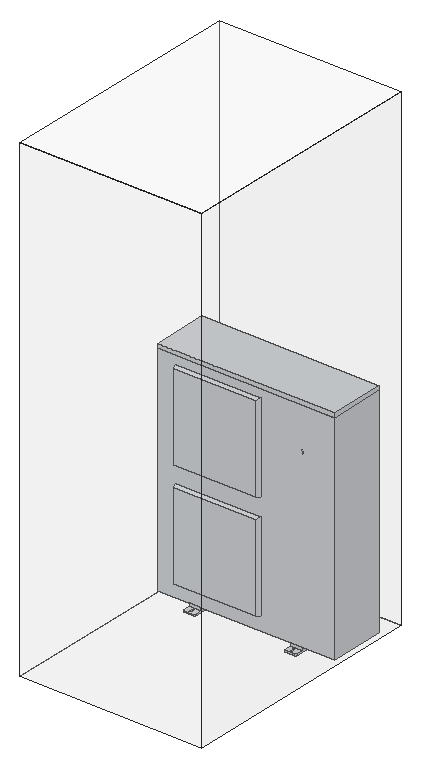
Revit family "pusy-hp80_160mh4_50hz", category 機械設備, Revit 2019
Family settings
  丸型コネクタ寸法 = 直径を使用
  パーツ タイプ = 標準
  OmniClass 番号 = 23.75.10.24.21.27.27
  OmniClass タイトル = Split System Air Conditioning Units
  作業面ベース = いいえ
  常に垂直 = はい
  ロード時にボイドで切り取り = いいえ
  共有 = いいえ
  部屋計算ポイント = いいえ
Parameters (values of type "室外機_PUSY-HP80MH4(-BS,BSG)")
  音響パワーレベル（冷）(dB) = 70
  音響パワーレベル(dB) = 70
  電源種別 = ""
  電源位置Y = 2 mm
  電源位置Z = 1062 mm
  電源位置X = 325 mm
  電圧 = 200 V
  電動機出力_送風機 = 0.12 kW
  電動機出力_圧縮機 = 1.98 kW
  集中コントローラ [instance] = ""
  運転質量 = 0.00 kg
  運転方法 = "冷暖切替"
  質量 = if(製品質量 > 運転質量, 製品質量, 運転質量) * 1.2  # 146.40 kg
  負荷分類 = 1_熱源類
  説明 = "空冷H/P PAC インバータ室外機"
  設計暖房能力 [instance] = 0 kW
  設計冷房能力_顕熱 [instance] = 0 kW
  設計冷房能力 [instance] = 0 kW
  設置方法 = "床置形"
  記号 [instance] = ""
  製造元 = "三菱電機株式会社"
  製品質量 = 122.00 kg
  製品出荷対象 = "国内"
  製品リリース年月 = "2022/9/15"
  製品グループ = ""
  系統 [instance] = ""
  符号 = "PAC"
  積算_科目 = "1 空気調和設備"
  積算_拾い区分 [instance] = ""
  相 = 3
  盤記号 [instance] = ""
  発停方法 = "付属スイッチ"
  特殊仕様 [instance] = ""
  消費電力_暖房 = 2.01 kW
  消費電力_冷房 = 1.81 kW
  消費電力 = if(消費電力_冷房 > 消費電力_暖房, 消費電力_冷房, 消費電力_暖房)  # 2.01 kW
  法定耐用年数 = "6"
  構成品番 = "PUSY-HP80MH4 (-BS,-BSG)"
  極数 = 3
  材質 [instance] = ""
  本体マテリアル = none
  最小電線太さ_mm2 = 5.5
  最大電流値 = 28 A
  暖房能力 = 9 kW
  推奨ブレーカー容量 = 30 A
  据付ピッチ1 = 0 mm
  形式 = "パッケージ形 室外機"
  形名 = PUZ-ZRMP-3 : PUZ-ZRMP112KA11
  幹線記号 [instance] = ""
  始動方式 = "インバータ始動方式"
  呼称 = "パッケージ形空気調和機_室外機"
  周波数 = 50 Hz
  冷媒管（液）位置Z = 485 mm
  冷媒管位置Z_上面 = 565 mm
  冷媒管（ガス）位置Z = 420 mm
  冷媒液管_半径 = (冷媒液管径) / 2  # 4.76 mm
  冷媒ガス管_半径 = (冷媒ガス管径) / 2  # 7.94 mm
  価格 = 0
  ドレン　位置Z = 23 mm
  ドレン　位置Y = 11 mm
  ドレン　位置X = 480 mm
  アンカーボルト位置Y = 370 mm
  アンカーボルト位置X = 600 mm
  参照している仕様書等のバージョン = "公共建築物標準仕様書（機械設備工事編）平成31年度版"
  分類コード = "50053003126100"
  分類グループ = ""
  冷房能力 = 8 kW
  冷媒管（ガス）位置X = 483 mm
  冷媒管（液）位置X = 427 mm
  冷媒管（液）位置Y = 125 mm
  冷媒管（ガス）位置Y = 109 mm
  冷媒管長 [instance] = 0 mm
  冷媒管径符号 = "Bd"
  冷媒管径 = 100.00 mm
  冷媒管位置Z = 420 mm
  冷媒管位置Y = 111 mm
  冷媒管位置X = (冷媒管（液）位置X + 冷媒管（ガス）位置X) / 2  # 455 mm
  冷媒液管径 = 9.52 mm
  冷媒ガス管径 = 15.88 mm
  企業コード = "108420"
  付属品 [instance] = ""
  仕様書バージョン = "Version1.0"
  ユニット数 = 1
  ユニット3 = yes
  ユニット2 = yes
  Model = ""
  ドレン管径 = 33.00 mm
  サービススペース = yes
  コメント [instance] = ""
  ケーブル種類1 = ""
  【値が 0 の項目は組合せ形名にてご確認ください】 = ""
  Width = 1050 mm
  Version = ""
  Uniclass2015Version = "Systems v1.9"
  Uniclass2015Title = "Split coil remote air cooled condensing units"
  Uniclass2015Code = "Pr_70_65_03_84"
  URL = "https://www.mitsubishielectric.co.jp/ldg/wink/ssl/displayProduct.do?pid=321193"
  SpecificationReference = ""
  SpecificationDescription = ""
  Revision = ""
  ProductInformation = ""
  OmniClassCode = "23-33 17 13 11"
  IfcTypeProduct = ""
  IfcProduct = ""
  IfcExportType = "AIRCONDITIONINGUNIT"
  IfcExportAs = "IfcUnitaryEquipmentType"
  Height = 1338 mm
  Depth = 330 mm
  Clearance Top = 1500 mm
  Clearance Right = 15 mm
  Clearance Left = 15 mm
  Clearance Front = 1000 mm
  Clearance Bottom = 0 mm
  Clearance Back = 150 mm
  COP = 0
  Author = "三菱電機株式会社"
  APF = 0
Reference planes
  plane 1 "中心(正面/背面)": y = 74
  plane 2: z = 0
  plane 3 "中心(左/右)": x = 830
  plane 4 "右": x = 1355
  plane 5 "左": x = 305
  plane 6 "背面": y = 239
  plane 7 "正面": y = -91
  plane 8 "上部": z = 1338
  plane 9 "Clearanse Top": z = 2838
  plane 10 "SS_back": y = 389
  plane 11 "SS_front": y = -1091
  plane 12 "SS_left": x = 290
  plane 13 "SS_right": x = 1370
  plane 14: z = 0
  plane 15: y = -89
  plane 16: x = 1155
  plane 17: z = 1062
  plane 18: x = 1285
  plane 19: y = 63
  plane 20: x = 350
  plane 21: z = 25
  plane 22: z = 23
  plane 23: x = 530
  plane 24: x = 1130
  plane 25: y = 259
  plane 26: y = -111
  plane 27: x = 1313
  plane 28: x = 1257
  plane 29 "ガス管": z = 420
  plane 30 "液管": z = 485
  plane 31: y = -51
  plane 32: y = -35
  plane 33 "冷媒管": z = 420
  plane 34: y = -37
  plane 35: z = 565
Forms (mm)
  Extrusion 1, solid, detail levels fine
    sketch origin (0, -91, 0) x (1, 0, 0) y (0, 0, 1)
      loop
        circle (1155, 1062) r 13.5
    from -12 to -2
  Extrusion 2, solid, detail levels fine
    sketch origin (-1437.329, -1524, 54) x (-1, 0, 0) y (0, -1, 0)
      loop
        circle (-1787.329, -1587) r 16.5
    from -31 to -29
  Extrusion 3, solid, detail levels fine
    sketch origin (5, 0, 485) x (-1, 0, 0) y (0, -1, 0)
      loop
        circle (-1252, 51) r 4.76
    from 0 to 80
  Extrusion 4, solid, detail levels fine
    sketch origin (0, 0, 420) x (-1, 0, 0) y (0, -1, 0)
      loop
        circle (-1313, 35) r 7.94
    from 0 to 100
  Extrusion 5, solid, detail levels fine
    sketch origin (0, 0, 420) x (-1, 0, 0) y (0, -1, 0)
      loop
        circle (-1285, 37) r 50
    from 0 to 145
Lines and regions (mm)
  model lines, not visible
    curve 1: line (460, 178.667, 1289.179) -> (460, 297.73, 1289.179)
    curve 2: line (460, 178.667, 1056.056) -> (460, 178.667, 1289.179)
    curve 3: line (460, 297.73, 1056.056) -> (460, 178.667, 1056.056)
    curve 4: line (460, 297.73, 1289.179) -> (460, 297.73, 1056.056)
    curve 5: line (460, 47.598, 1289.179) -> (460, 166.661, 1289.179)
    curve 6: line (460, 47.598, 1056.056) -> (460, 47.598, 1289.179)
    curve 7: line (460, 166.661, 1056.056) -> (460, 47.598, 1056.056)
    curve 8: line (460, 166.661, 1289.179) -> (460, 166.661, 1056.056)
    curve 9: line (460, -83.471, 1289.179) -> (460, 35.592, 1289.179)
    curve 10: line (460, -83.471, 1056.056) -> (460, -83.471, 1289.179)
    curve 11: line (460, 35.592, 1056.056) -> (460, -83.471, 1056.056)
    curve 12: line (460, 35.592, 1289.179) -> (460, 35.592, 1056.056)
    curve 13: line (460, -150.779, 1289.179) -> (460, -95.75, 1289.179)
    curve 14: line (460, -150.779, 1056.056) -> (460, -150.779, 1289.179)
    curve 15: line (460, -95.75, 1056.056) -> (460, -150.779, 1056.056)
    curve 16: line (460, -95.75, 1289.179) -> (460, -95.75, 1056.056)
    curve 17: line (460, -150.779, 1283.175) -> (460, -132.596, 1283.175)
    curve 18: line (460, -150.779, 1062.059) -> (460, -150.779, 1283.175)
    curve 19: line (460, -132.596, 1062.059) -> (460, -150.779, 1062.059)
    curve 20: line (460, -132.596, 1283.175) -> (460, -132.596, 1062.059)
    curve 21: line (460, 178.667, 1046.051) -> (460, 297.73, 1046.051)
    curve 22: line (460, 178.667, 812.928) -> (460, 178.667, 1046.051)
    curve 23: line (460, 297.73, 812.928) -> (460, 178.667, 812.928)
    curve 24: line (460, 297.73, 1046.051) -> (460, 297.73, 812.928)
    curve 25: line (460, 47.598, 1046.051) -> (460, 166.661, 1046.051)
    curve 26: line (460, 47.598, 812.928) -> (460, 47.598, 1046.051)
    curve 27: line (460, 166.661, 812.928) -> (460, 47.598, 812.928)
    curve 28: line (460, 166.661, 1046.051) -> (460, 166.661, 812.928)
    curve 29: line (460, -83.471, 1046.051) -> (460, 35.592, 1046.051)
    curve 30: line (460, -83.471, 812.928) -> (460, -83.471, 1046.051)
    curve 31: line (460, 35.592, 812.928) -> (460, -83.471, 812.928)
    curve 32: line (460, 35.592, 1046.051) -> (460, 35.592, 812.928)
    curve 33: line (460, -150.779, 1046.051) -> (460, -95.75, 1046.051)
    curve 34: line (460, -150.779, 812.928) -> (460, -150.779, 1046.051)
    curve 35: line (460, -95.75, 812.928) -> (460, -150.779, 812.928)
    curve 36: line (460, -95.75, 1046.051) -> (460, -95.75, 812.928)
    curve 37: line (460, -150.779, 1040.048) -> (460, -132.596, 1040.048)
    curve 38: line (460, -150.779, 818.931) -> (460, -150.779, 1040.048)
    curve 39: line (460, -132.596, 818.931) -> (460, -150.779, 818.931)
    curve 40: line (460, -132.596, 1040.048) -> (460, -132.596, 818.931)
    curve 41: line (460, 178.667, 802.923) -> (460, 297.73, 802.923)
    curve 42: line (460, 178.667, 569.8) -> (460, 178.667, 802.923)
    curve 43: line (460, 297.73, 569.8) -> (460, 178.667, 569.8)
    curve 44: line (460, 297.73, 802.923) -> (460, 297.73, 569.8)
    curve 45: line (460, 47.598, 802.923) -> (460, 166.661, 802.923)
    curve 46: line (460, 47.598, 569.8) -> (460, 47.598, 802.923)
    curve 47: line (460, 166.661, 569.8) -> (460, 47.598, 569.8)
    curve 48: line (460, 166.661, 802.923) -> (460, 166.661, 569.8)
    curve 49: line (460, -83.471, 802.923) -> (460, 35.592, 802.923)
    curve 50: line (460, -83.471, 569.8) -> (460, -83.471, 802.923)
    curve 51: line (460, 35.592, 569.8) -> (460, -83.471, 569.8)
    curve 52: line (460, 35.592, 802.923) -> (460, 35.592, 569.8)
    curve 53: line (460, -150.779, 802.923) -> (460, -95.75, 802.923)
    curve 54: line (460, -150.779, 569.8) -> (460, -150.779, 802.923)
    curve 55: line (460, -95.75, 569.8) -> (460, -150.779, 569.8)
    curve 56: line (460, -95.75, 802.923) -> (460, -95.75, 569.8)
    curve 57: line (460, -150.779, 796.92) -> (460, -132.596, 796.92)
    curve 58: line (460, -150.779, 575.803) -> (460, -150.779, 796.92)
    curve 59: line (460, -132.596, 575.803) -> (460, -150.779, 575.803)
    curve 60: line (460, -132.596, 796.92) -> (460, -132.596, 575.803)
    curve 61: line (460, 178.667, 559.795) -> (460, 297.73, 559.795)
    curve 62: line (460, 178.667, 326.672) -> (460, 178.667, 559.795)
    curve 63: line (460, 297.73, 326.672) -> (460, 178.667, 326.672)
    curve 64: line (460, 297.73, 559.795) -> (460, 297.73, 326.672)
    curve 65: line (460, 47.598, 559.795) -> (460, 166.661, 559.795)
    curve 66: line (460, 47.598, 326.672) -> (460, 47.598, 559.795)
    curve 67: line (460, 166.661, 326.672) -> (460, 47.598, 326.672)
    curve 68: line (460, 166.661, 559.795) -> (460, 166.661, 326.672)
    curve 69: line (460, -83.471, 559.795) -> (460, 35.592, 559.795)
    curve 70: line (460, -83.471, 326.672) -> (460, -83.471, 559.795)
    curve 71: line (460, 35.592, 326.672) -> (460, -83.471, 326.672)
    curve 72: line (460, 35.592, 559.795) -> (460, 35.592, 326.672)
    curve 73: line (460, -150.779, 559.795) -> (460, -95.75, 559.795)
    curve 74: line (460, -150.779, 326.672) -> (460, -150.779, 559.795)
    curve 75: line (460, -95.75, 326.672) -> (460, -150.779, 326.672)
    curve 76: line (460, -95.75, 559.795) -> (460, -95.75, 326.672)
    curve 77: line (460, -150.779, 553.792) -> (460, -132.596, 553.792)
    curve 78: line (460, -150.779, 332.675) -> (460, -150.779, 553.792)
    curve 79: line (460, -132.596, 332.675) -> (460, -150.779, 332.675)
    curve 80: line (460, -132.596, 553.792) -> (460, -132.596, 332.675)
    curve 81: line (460, 178.667, 316.667) -> (460, 297.73, 316.667)
    curve 82: line (460, 178.667, 83.544) -> (460, 178.667, 316.667)
    curve 83: line (460, 297.73, 83.544) -> (460, 178.667, 83.544)
    curve 84: line (460, 297.73, 316.667) -> (460, 297.73, 83.544)
    curve 85: line (460, 47.598, 316.667) -> (460, 166.661, 316.667)
    curve 86: line (460, 47.598, 83.544) -> (460, 47.598, 316.667)
    curve 87: line (460, 166.661, 83.544) -> (460, 47.598, 83.544)
    curve 88: line (460, 166.661, 316.667) -> (460, 166.661, 83.544)
    curve 89: line (460, -83.471, 316.667) -> (460, 35.592, 316.667)
    curve 90: line (460, -83.471, 83.544) -> (460, -83.471, 316.667)
    curve 91: line (460, 35.592, 83.544) -> (460, -83.471, 83.544)
    curve 92: line (460, 35.592, 316.667) -> (460, 35.592, 83.544)
    curve 93: line (460, -150.779, 316.667) -> (460, -95.75, 316.667)
    curve 94: line (460, -150.779, 83.544) -> (460, -150.779, 316.667)
    curve 95: line (460, -95.75, 83.544) -> (460, -150.779, 83.544)
    curve 96: line (460, -95.75, 316.667) -> (460, -95.75, 83.544)
    curve 97: line (460, -150.779, 310.664) -> (460, -132.596, 310.664)
    curve 98: line (460, -150.779, 89.547) -> (460, -150.779, 310.664)
    curve 99: line (460, -132.596, 89.547) -> (460, -150.779, 89.547)
    curve 100: line (460, -132.596, 310.664) -> (460, -132.596, 89.547)
Dimensions and locks
  equal spacing: plane 7 "正面", plane 1 "中心(正面/背面)", plane 6 "背面"
  "Depth": plane 7 "正面" to plane 6 "背面"
  "Width": plane 5 "左" to plane 4 "右"
  equal spacing: plane 5 "左", plane 3 "中心(左/右)", plane 4 "右"
  "Clearance Left": plane 12 "SS_left" to plane 5 "左"
  "Clearance Right": plane 4 "右" to plane 13 "SS_right"
  "Clearance Back": plane 6 "背面" to plane 10 "SS_back"
  "Clearance Front": plane 11 "SS_front" to plane 7 "正面"
  "Height": plane 8 "上部" to level
  "Clearance Top": plane 9 "Clearanse Top" to plane 8 "上部"
  "Clearance Bottom": level to plane 14
  "電源位置X": plane 3 "中心(左/右)" to plane 16
  "電源位置Y": plane 7 "正面" to plane 15
  "電源位置Z": plane 17 to level
  locked: plane 21 to plane 22 at 2
  equal spacing: plane 26, plane 1 "中心(正面/背面)", plane 25
  "アンカーボルト位置Y": plane 26 to plane 25
  equal spacing: plane 23, plane 3 "中心(左/右)", plane 24
  "アンカーボルト位置X": plane 23 to plane 24
  "冷媒管（ガス）位置X": nested 1 to plane 27
  "ドレン　位置Y": plane 19 to plane 1 "中心(正面/背面)"
  "ドレン　位置X": plane 20 to nested 1
  plane 25 to nested 2 = 19 mm
  nested 2 to plane 7 "正面" = 25 mm
  plane 5 "左" to plane 23 = 225 mm
  nested 2 to plane 26 = 28 mm
  nested 2 to nested 2 = 417 mm
  plane 7 "正面" to plane 19 = 154 mm
  plane 7 "正面" to plane 31 = 40 mm
  plane 7 "正面" to plane 32 = 56 mm
  plane 28 to plane 18 to plane 27 = 28 mm, 28 mm
  "冷媒管（ガス）位置Y": plane 32 to plane 1 "中心(正面/背面)"
  "冷媒管（液）位置Y": plane 31 to plane 1 "中心(正面/背面)"
  "冷媒管（ガス）位置Z": plane 29 "ガス管" to level
  "冷媒管（液）位置Z": plane 30 "液管" to level
  "冷媒管位置Z": plane 33 "冷媒管" to level
  "冷媒管位置Y": plane 34 to plane 1 "中心(正面/背面)"
  "冷媒管位置Z_上面": plane 35 to level
  "冷媒管（液）位置X": nested 1 to plane 28
  "冷媒管位置X": nested 1 to plane 18
  plane 28 to plane 27 = 56 mm
  radius of Extrusion 1 sketch curve = 13.5 mm
  "ドレン管径": diameter of Extrusion 2 sketch curve
  "冷媒液管_半径": radius of Extrusion 3 sketch curve
  "冷媒ガス管_半径": radius of Extrusion 4 sketch curve
  aligned and locked: level to plane 2
  aligned and locked: plane 10 "SS_back" to nested 1  (x2)
  aligned and locked: plane 13 "SS_right" to nested 1
  aligned and locked: plane 12 "SS_left" to nested 1  (x2)
  aligned and locked: nested 1 to plane 13 "SS_right"
  aligned and locked: plane 11 "SS_front" to nested 1
  aligned and locked: plane 9 "Clearanse Top" to nested 1
  aligned and locked: plane 1 "中心(正面/背面)" to nested 2
  aligned and locked: plane 3 "中心(左/右)" to nested 2
  aligned and locked: plane 14 to nested 1
  aligned and locked: plane 17 to Extrusion 1 sketch curve
  aligned and locked: plane 16 to Extrusion 1 sketch curve
  aligned and locked: plane 15 to Extrusion 1
  aligned and locked: plane 20 to Extrusion 2 sketch curve
  aligned and locked: plane 19 to Extrusion 2 sketch curve
  aligned and locked: plane 21 to Extrusion 2
  aligned and locked: Extrusion 2 to plane 22
  aligned and locked: plane 23 to nested 3
  aligned and locked: plane 25 to nested 3
  aligned and locked: Extrusion 4 to plane 29 "ガス管"
  aligned and locked: Extrusion 3 to plane 30 "液管"
  aligned and locked: Extrusion 5 to plane 33 "冷媒管"
  aligned and locked: plane 35 to Extrusion 5
Automatic sketch dimensions
  Extrusion 5 sketch curve to plane 18 = 0 mm
  plane 34 to Extrusion 5 sketch curve = 0 mm
  Extrusion 3 sketch curve to plane 28 = 0 mm
  plane 31 to Extrusion 3 sketch curve = 0 mm
  Extrusion 4 sketch curve to plane 27 = 0 mm
  plane 32 to Extrusion 4 sketch curve = 0 mm
  radius of Extrusion 5 sketch curve = 50 mm
Nested families
  nested 1: "サービススペース" at (830, -351, 1419), visible <- "サービススペース", type "サービススペース"
    with Width 1080 mm, Height 2838 mm, Depth 1480 mm
  nested 2: "PUZ-ZRMP-3" at (830, 74, 0), type <- "形名", type "PUZ-ZRMP112KA11"
  nested 3: "固定点" at (530, -111, 0), type "固定点"
    with W 600 mm, D 370 mm
Connectors
  electrical at (1155, -89, 1062), driven by "極数", driven by "負荷分類", driven by "電圧", driven by "消費電力"
    settings: on Extrusion 1, index 2, voltage 200 V, apparent load 2010 VA, apparent load phase1 0 VA, apparent load phase2 0 VA, apparent load phase3 0 VA, power factor 1, load classification "1_熱源類", number of poles 3, system type 30, power factor state 1, is connector primary yes, connector utility no, sub classification motor no, connector description ""
  piping at (1285, -37, 420), diameter 100, driven by "冷媒管径"
    settings: on Extrusion 5, index 3, connector inside diameter 609.60 mm, connector length 0 mm, flow factor 0, pipe flow 0.0 L/s, pressure drop 0.0 Pa, fitting loss kfactor 0, connector angle 0.00°, fixture units 0, engagement length 0 mm, angle of deflection 0.00°, flow configuration 1, flow direction 2, fitting loss method 4, system type 7, joint type 0, gender type 0, connector reference index -1, connector utility 0, adjustable connector no, is connector primary yes, connector description "Bd"
Definition of nested family "サービススペース"
  Parameters (values of type "サービススペース")
    Width [instance] = 500 mm
    Height [instance] = 500 mm
    Depth [instance] = 500 mm
  Reference planes
    plane 1 "中心(正面/背面)": y = 0
    plane 2: z = 0
    plane 3 "中心(左/右)": x = 0
    plane 4: y = -250
    plane 5: x = 250
    plane 6: y = 250
    plane 7: x = -250
    plane 8: z = 250
    plane 9: z = -250
  Forms (mm)
    Extrusion 1, solid
      sketch origin (-638.939, 0, 72.39) x (1, 0, 0) y (0, 1, 0)
        loop
          line (388.939, 250) -> (388.939, -250) -> (888.939, -250) -> (888.939, 250) -> (388.939, 250)
      from -322.39 to 177.61
  Lines and regions (mm)
    symbolic lines
      curve 1: line (-250, 0, 250) -> (250, 0, 250)
      curve 2: line (-250, 0, -250) -> (-250, 0, 250)
      curve 3: line (250, 0, -250) -> (-250, 0, -250)
      curve 4: line (250, 0, 250) -> (250, 0, -250)
      curve 5: line (0, -250, 250) -> (0, 250, 250)
      curve 6: line (0, -250, -250) -> (0, -250, 250)
      curve 7: line (0, 250, -250) -> (0, -250, -250)
      curve 8: line (0, 250, 250) -> (0, 250, -250)
      curve 9: line (-250, 250, 0) -> (250, 250, 0)
      curve 10: line (-250, -250, 0) -> (-250, 250, 0)
      curve 11: line (250, -250, 0) -> (-250, -250, 0)
      curve 12: line (250, 250, 0) -> (250, -250, 0)
  Dimensions and locks
    equal spacing: plane 7, plane 3 "中心(左/右)", plane 5
    equal spacing: plane 4, plane 1 "中心(正面/背面)", plane 6
    "Depth": plane 4 to plane 6
    "Width": plane 7 to plane 5
    equal spacing: plane 8, plane 2, plane 9
    "Height": plane 8 to plane 9
    aligned and locked: plane 9 to curve 3
    aligned and locked: plane 7 to curve 2
    aligned and locked: curve 4 to plane 5
    aligned and locked: plane 5 to Extrusion 1
    aligned and locked: Extrusion 1 to plane 7
    aligned and locked: Extrusion 1 to plane 9
    aligned and locked: plane 8 to Extrusion 1
    aligned and locked: plane 9 to curve 7
  Automatic sketch dimensions
    plane 4 to Extrusion 1 sketch curve = 0 mm
    Extrusion 1 sketch curve to plane 7 = 0 mm
    Extrusion 1 sketch curve to plane 5 = 0 mm
    plane 6 to Extrusion 1 sketch curve = 0 mm
    curve 2 to plane 8 = 0 mm
    plane 4 to curve 11 = 0 mm
    curve 11 to plane 7 = 0 mm
    curve 11 to plane 5 = 0 mm
    plane 6 to curve 10 = 0 mm
    curve 7 to plane 4 = 0 mm
    curve 7 to plane 6 = 0 mm
    curve 6 to plane 8 = 0 mm
Definition of nested family "PUZ-ZRMP-3"
  Parameters (values of type "PUZ-ZRMP112KA11")
    配線取出口サイズ = 27 mm
    配線取出口-Z = 1063 mm
    配線取出口-Y = 325 mm
    配線取出口-X = 325 mm
    液配管サイズ = 100 mm
    高さ = 1338 mm
    換気-W = 362 mm
    換気-H2 = 632 mm
    換気-H1 = 369 mm
    換気-D = 25 mm
    奥行き = 330 mm
    吊りボルト_H = 0 mm
    吊りボルト-φ = 12 mm
    冷媒配管サイズ = 9.52 mm
    冷媒液管径-Z = 485 mm
    冷媒液管径-Y = 290 mm
    冷媒液管径-X = 422 mm
    冷媒ガス管径-Z = 420 mm
    冷媒ガス管径-Y = 234 mm
    冷媒ガス管径-X = 483 mm
    吊りボルト-W = 600 mm
    マテリアル = none
    ドレン配管サイズ = 33 mm
    ドレン管径-Z = 0 mm
    ドレン管径-Y = 154 mm
    ドレン管径-X = 480 mm
    タイプ3 = yes
    タイプ2 = no
    タイプ1 = no
    ガス配管サイズ = 15.88 mm
    吊りボルト-D = 370 mm
    幅さ = 1050 mm
    a = 幅さ / 2  # 525 mm
  Types (3, lengths in mm): name | 冷媒配管サイズ | 冷媒液管径-Z | 冷媒液管径-X | 冷媒ガス管径-Z | 冷媒ガス管径-Y | 冷媒ガス管径-X | ガス配管サイズ
    PUZ-ZRMP112KA11 | 9.52 | 485 | 422 | 420 | 234 | 483 | 15.88
    PUZ-ZRMP224KA | 19.05 | 450 | 423 | 337 | 236 | 479 | 25.4
    PUZ-ZRMP280KA | 19.05 | 424 | 423 | 337 | 236 | 479 | 25.4
  Reference planes
    plane 1 "中心(正面/背面)": y = 0
    plane 2: z = 0
    plane 3 "中心(左/右)": x = 0
    plane 4: z = 1338
    plane 5: x = -525
    plane 6: x = 525
    plane 7: y = 165
    plane 8: y = -165
    plane 9: x = 587
    plane 10: y = -105
    plane 11: y = 5
    plane 12: z = 1313
    plane 13: x = -545
    plane 14: x = -300
    plane 15: x = 300
    plane 16: y = 185
    plane 17: y = -185
    plane 18: x = 335
    plane 19: x = 265
    plane 20: x = -265
    plane 21: x = -335
    plane 22: y = 204
    plane 23: z = 8.5
    plane 24: z = 25
    plane 25: z = 23
    plane 26: z = 1333
    plane 27: y = -40
    plane 28: y = 40
    plane 29: y = -30
    plane 30: y = 30
    plane 31: z = 1318
    plane 32: z = 55
    plane 33: z = 225
    plane 34: z = 570
    plane 35: x = 535
    plane 36: x = 556
    plane 37: y = -190
    plane 38: x = -163
    plane 39: z = 369
    plane 40: x = 91
    plane 41: x = -417
    plane 42: z = 633
    plane 43: z = 105
    plane 44: x = -407
    plane 45: x = 81
    plane 46: z = 623
    plane 47: z = 115
    plane 48: y = 115
    plane 49: y = -115
    plane 50: x = -480
    plane 51: y = -11
    plane 52: x = 325
    plane 53: y = -160
    plane 54: y = -125
    plane 55: y = -69
    plane 56: z = 1063
    plane 57: y = -110
    plane 58: y = -97
    plane 59 "グループ": x = -525
    plane 60: z = 1338
    plane 61: z = 943
    plane 62: z = 1001
    plane 63: z = 1265
    plane 64: z = 737
    plane 65: z = 1255
    plane 66: z = 747
    plane 67: y = 125
    plane 68: x = -370
    plane 69: x = -210
    plane 70: x = -50
    plane 71: x = 110
    plane 72: y = -213
  Forms (mm)
    Extrusion 1, solid, visible <- "タイプ3", detail levels fine
      sketch origin (-1437.329, -1524, 1338) x (-1, 0, 0) y (0, -1, 0)
        loop
          line (-1102.329, -1689) -> (-1102.329, -1359) -> (-1172.329, -1359) -> (-1172.329, -1689) -> (-1102.329, -1689)
        loop
          line (-1702.329, -1689) -> (-1702.329, -1359) -> (-1772.329, -1359) -> (-1772.329, -1689) -> (-1702.329, -1689)
      from -1338 to -1313
    Extrusion 2, solid, material <- "マテリアル", visible <- "タイプ3", detail levels fine
      sketch origin (-1437.329, -1524, 1338) x (-1, 0, 0) y (0, -1, 0)
        loop
          line (-1962.329, -1689) -> (-912.329, -1689) -> (-912.329, -1359) -> (-1962.329, -1359) -> (-1962.329, -1689)
      from -1313 to -25
    Extrusion 3, solid, material <- "マテリアル", visible <- "タイプ3", detail levels fine
      sketch origin (-1437.329, -1524, 1338) x (-1, 0, 0) y (0, -1, 0)
        loop
          line (-912.329, -1689) -> (-912.329, -1359) -> (-1962.329, -1359) -> (-1962.329, -1689) -> (-912.329, -1689)
      from -25 to 0
    Blend 4, solid, material <- "マテリアル", visible <- "タイプ3", detail levels fine
      base sketch origin (0, 0, 0) x (1, 0, 0) y (0, 0, 1)
        loop
          line (-417, 633) -> (-417, 105) -> (91, 105) -> (91, 633) -> (-417, 633)
      top sketch origin (0, 0, 0) x (1, 0, 0) y (0, 0, 1)
        loop
          line (-407, 623) -> (-407, 115) -> (81, 115) -> (81, 623) -> (-407, 623)
      from 165 to 190
    Blend 5, solid, material <- "マテリアル", visible <- "タイプ3", detail levels fine
      base sketch origin (1480.036, -190, 1200) x (1, 0, 0) y (0, 0, 1)
        loop
          line (-1897.036, 65) -> (-1897.036, -463) -> (-1389.036, -463) -> (-1389.036, 65) -> (-1897.036, 65)
      top sketch origin (1480.036, -190, 1200) x (1, 0, 0) y (0, 0, 1)
        loop
          line (-1887.036, 55) -> (-1887.036, -453) -> (-1399.036, -453) -> (-1399.036, 55) -> (-1887.036, 55)
      from -25 to 0
    Extrusion 6, solid, visible <- "タイプ3", detail levels fine
      sketch origin (-1437.329, -1524, 1338) x (-1, 0, 0) y (0, -1, 0)
        loop
          line (-1102.329, -1728) -> (-1102.329, -1689) -> (-1172.329, -1689) -> (-1172.329, -1728) -> (-1143.329, -1728) -> (-1143.329, -1709)
          arc (-1143.329, -1709) -> (-1137.329, -1703) -> (-1131.329, -1709) r 6
          line (-1131.329, -1709) -> (-1131.329, -1728) -> (-1102.329, -1728)
        loop
          line (-1102.329, -1359) -> (-1102.329, -1316)
          arc (-1102.329, -1316) -> (-1103.794, -1312.464) -> (-1107.329, -1311) r 5
          line (-1107.329, -1311) -> (-1167.329, -1311)
          arc (-1167.329, -1311) -> (-1170.865, -1312.464) -> (-1172.329, -1316) r 5
          line (-1172.329, -1316) -> (-1172.329, -1359) -> (-1102.329, -1359)
        loop
          arc (-1143.329, -1339) -> (-1137.329, -1345) -> (-1131.329, -1339) r 6
          line (-1131.329, -1339) -> (-1131.329, -1324)
          arc (-1131.329, -1324) -> (-1137.329, -1318) -> (-1143.329, -1324) r 6
          line (-1143.329, -1324) -> (-1143.329, -1339)
        loop
          line (-1772.329, -1728) -> (-1743.329, -1728) -> (-1743.329, -1709)
          arc (-1743.329, -1709) -> (-1737.329, -1703) -> (-1731.329, -1709) r 6
          line (-1731.329, -1709) -> (-1731.329, -1728) -> (-1702.329, -1728) -> (-1702.329, -1689) -> (-1772.329, -1689) -> (-1772.329, -1728)
        loop
          line (-1772.329, -1359) -> (-1702.329, -1359) -> (-1702.329, -1316)
          arc (-1702.329, -1316) -> (-1703.794, -1312.464) -> (-1707.329, -1311) r 5
          line (-1707.329, -1311) -> (-1767.329, -1311)
          arc (-1767.329, -1311) -> (-1770.865, -1312.464) -> (-1772.329, -1316) r 5
          line (-1772.329, -1316) -> (-1772.329, -1359)
        loop
          line (-1731.329, -1339) -> (-1731.329, -1324)
          arc (-1731.329, -1324) -> (-1737.329, -1318) -> (-1743.329, -1324) r 6
          line (-1743.329, -1324) -> (-1743.329, -1339)
          arc (-1743.329, -1339) -> (-1737.329, -1345) -> (-1731.329, -1339) r 6
      from -1338 to -1329.5
    Extrusion 7, solid, material <- "マテリアル", visible <- "タイプ3", detail levels fine
      sketch origin (-1437.329, -1524, 1338) x (-1, 0, 0) y (0, -1, 0)
        loop
          circle (-957.329, -1513) r 16.5
        loop
          circle (-1067.329, -1649) r 16.5
        loop
          circle (-1227.329, -1649) r 16.5
        loop
          circle (-1387.329, -1649) r 16.5
        loop
          circle (-1547.329, -1649) r 16.5
      from -1315 to -1313
  Cuts and joins
    joined: Extrusion 1, Extrusion 6
  Lines and regions (mm)
    Masking region 1, visible <- "タイプ3", detail levels coarse+medium
      outline origin (-1437.329, -1524, 1338) x (-1, 0, 0) y (0, -1, 0)
        loop
          line (-1962.329, -1689) -> (-1772.329, -1689) -> (-1772.329, -1728) -> (-1702.329, -1728) -> (-1702.329, -1689) -> (-1172.329, -1689) -> (-1172.329, -1728) -> (-1102.329, -1728) -> (-1102.329, -1689) -> (-912.329, -1689) -> (-912.329, -1359) -> (-1020.329, -1359) -> (-1030.329, -1334) -> (-1102.329, -1334) -> (-1102.329, -1311) -> (-1172.329, -1311) -> (-1172.329, -1334) -> (-1518.329, -1334) -> (-1528.329, -1359) -> (-1702.329, -1359) -> (-1702.329, -1311) -> (-1772.329, -1311) -> (-1772.329, -1359) -> (-1962.329, -1359) -> (-1962.329, -1689)
    model lines, visible <- "タイプ3", detail levels fine
      curve 1: line (446.5, 115, 1338) -> (-445, 115, 1338)
      curve 2: line (-445, -115, 1338) -> (446.5, -115, 1338)
      curve 3: line (-445, -45, 1338) -> (446.5, -45, 1338)
      curve 4: line (446.5, 45, 1338) -> (-445, 45, 1338)
      curve 5: line (-445, -35, 1338) -> (446.5, -35, 1338)
      curve 6: line (446.5, 35, 1338) -> (-445, 35, 1338)
      curve 7: line (-445, 115, 1338) -> (-445, 45, 1338)
      curve 8: line (446.5, -115, 1338) -> (446.5, -45, 1338)
      curve 9: line (-445, 35, 1338) -> (-445, -35, 1338)
      curve 10: line (-445, -45, 1338) -> (-445, -115, 1338)
      curve 11: line (446.5, -35, 1338) -> (446.5, 35, 1338)
      curve 12: line (446.5, 45, 1338) -> (446.5, 115, 1338)
      curve 13: line (479, -115, 1338) -> (479, 115, 1338)
      curve 14: line (461.5, -115, 1338) -> (461.5, 115, 1338)
      curve 15: line (-475, 115, 1338) -> (-475, -115, 1338)
      curve 16: line (-460, 115, 1338) -> (-460, -115, 1338)
      curve 17: line (-460, 115, 1338) -> (-475, 115, 1338)
      curve 18: line (-460, -115, 1338) -> (-475, -115, 1338)
      curve 19: line (461.5, 115, 1338) -> (479, 115, 1338)
      curve 20: line (461.5, -115, 1338) -> (479, -115, 1338)
      curve 21: line (-407, -190, 416.5) -> (81, -190, 416.5)
      curve 22: line (81, -190, 321.5) -> (-407, -190, 321.5)
      curve 23: line (-407, -190, 511.5) -> (81, -190, 511.5)
      curve 24: line (-407, -190, 606.5) -> (81, -190, 606.5)
      curve 25: line (81, -190, 226.5) -> (-407, -190, 226.5)
      curve 26: line (81, -190, 131.5) -> (-407, -190, 131.5)
      curve 27: line (-389.571, -190, 623) -> (-389.571, -190, 115)
      curve 28: line (63.571, -190, 115) -> (63.571, -190, 623)
      curve 29: line (-372.143, -190, 623) -> (-372.143, -190, 115)
      curve 30: line (-354.714, -190, 623) -> (-354.714, -190, 115)
      curve 31: line (-337.286, -190, 623) -> (-337.286, -190, 115)
      curve 32: line (-319.857, -190, 623) -> (-319.857, -190, 115)
      curve 33: line (-302.429, -190, 623) -> (-302.429, -190, 115)
      curve 34: line (-285, -190, 623) -> (-285, -190, 115)
      curve 35: line (-267.571, -190, 623) -> (-267.571, -190, 115)
      curve 36: line (-250.143, -190, 623) -> (-250.143, -190, 115)
      curve 37: line (-232.714, -190, 623) -> (-232.714, -190, 115)
      curve 38: line (-215.286, -190, 623) -> (-215.286, -190, 115)
      curve 39: line (-197.857, -190, 623) -> (-197.857, -190, 115)
      curve 40: line (-180.429, -190, 623) -> (-180.429, -190, 115)
      curve 41: line (-163, -190, 623) -> (-163, -190, 115)
      curve 42: line (-145.571, -190, 623) -> (-145.571, -190, 115)
      curve 43: line (-128.143, -190, 623) -> (-128.143, -190, 115)
      curve 44: line (-110.714, -190, 623) -> (-110.714, -190, 115)
      curve 45: line (-93.286, -190, 623) -> (-93.286, -190, 115)
      curve 46: line (-75.857, -190, 623) -> (-75.857, -190, 115)
      curve 47: line (-58.429, -190, 623) -> (-58.429, -190, 115)
      curve 48: line (-41, -190, 623) -> (-41, -190, 115)
      curve 49: line (-23.571, -190, 623) -> (-23.571, -190, 115)
      curve 50: line (-6.143, -190, 623) -> (-6.143, -190, 115)
      curve 51: line (11.286, -190, 623) -> (11.286, -190, 115)
      curve 52: line (28.714, -190, 623) -> (28.714, -190, 115)
      curve 53: line (46.143, -190, 623) -> (46.143, -190, 115)
      curve 54: line (-525, -100, 87) -> (-525, -60, 87)
      curve 55: line (-525, -100, 277) -> (-525, -100, 87)
      curve 56: line (-525, -60, 277) -> (-525, -100, 277)
      curve 57: line (-525, -60, 87) -> (-525, -60, 277)
      curve 58: line (-525, -100, 292) -> (-525, -60, 292)
      curve 59: line (-525, -100, 482) -> (-525, -100, 292)
      curve 60: line (-525, -60, 482) -> (-525, -100, 482)
      curve 61: line (-525, -60, 292) -> (-525, -60, 482)
      curve 62: line (-525, -100, 497) -> (-525, -60, 497)
      curve 63: line (-525, -100, 687) -> (-525, -100, 497)
      curve 64: line (-525, -60, 687) -> (-525, -100, 687)
      curve 65: line (-525, -60, 497) -> (-525, -60, 687)
      curve 66: line (-525, -100, 702) -> (-525, -60, 702)
      curve 67: line (-525, -100, 892) -> (-525, -100, 702)
      curve 68: line (-525, -60, 892) -> (-525, -100, 892)
      curve 69: line (-525, -60, 702) -> (-525, -60, 892)
      curve 70: line (-525, 60, 87) -> (-525, 100, 87)
      curve 71: line (-525, 60, 277) -> (-525, 60, 87)
      curve 72: line (-525, 100, 277) -> (-525, 60, 277)
      curve 73: line (-525, 100, 87) -> (-525, 100, 277)
      curve 74: line (-525, -46.667, 87) -> (-525, -6.667, 87)
      curve 75: line (-525, -46.667, 277) -> (-525, -46.667, 87)
      curve 76: line (-525, -6.667, 277) -> (-525, -46.667, 277)
      curve 77: line (-525, -6.667, 87) -> (-525, -6.667, 277)
      curve 78: line (-525, 6.667, 87) -> (-525, 46.667, 87)
      curve 79: line (-525, 6.667, 277) -> (-525, 6.667, 87)
      curve 80: line (-525, 46.667, 277) -> (-525, 6.667, 277)
      curve 81: line (-525, 46.667, 87) -> (-525, 46.667, 277)
      curve 82: line (-525, 60, 292) -> (-525, 100, 292)
      curve 83: line (-525, 60, 482) -> (-525, 60, 292)
      curve 84: line (-525, 100, 482) -> (-525, 60, 482)
      curve 85: line (-525, 100, 292) -> (-525, 100, 482)
      curve 86: line (-525, 60, 702) -> (-525, 100, 702)
      curve 87: line (-525, 60, 892) -> (-525, 60, 702)
      curve 88: line (-525, 100, 892) -> (-525, 60, 892)
      curve 89: line (-525, 100, 702) -> (-525, 100, 892)
      curve 90: line (-525, -46.667, 292) -> (-525, -6.667, 292)
      curve 91: line (-525, -46.667, 482) -> (-525, -46.667, 292)
      curve 92: line (-525, -6.667, 482) -> (-525, -46.667, 482)
      curve 93: line (-525, -6.667, 292) -> (-525, -6.667, 482)
      curve 94: line (-525, -46.667, 497) -> (-525, -6.667, 497)
      curve 95: line (-525, -46.667, 687) -> (-525, -46.667, 497)
      curve 96: line (-525, -6.667, 687) -> (-525, -46.667, 687)
      curve 97: line (-525, -6.667, 497) -> (-525, -6.667, 687)
      curve 98: line (-525, -46.667, 702) -> (-525, -6.667, 702)
      curve 99: line (-525, -46.667, 892) -> (-525, -46.667, 702)
      curve 100: line (-525, -6.667, 892) -> (-525, -46.667, 892)
      curve 101: line (-525, -6.667, 702) -> (-525, -6.667, 892)
      curve 102: line (-525, 6.667, 292) -> (-525, 46.667, 292)
      curve 103: line (-525, 6.667, 482) -> (-525, 6.667, 292)
      curve 104: line (-525, 46.667, 482) -> (-525, 6.667, 482)
      curve 105: line (-525, 46.667, 292) -> (-525, 46.667, 482)
      curve 106: line (-525, 6.667, 497) -> (-525, 46.667, 497)
      curve 107: line (-525, 6.667, 687) -> (-525, 6.667, 497)
      curve 108: line (-525, 46.667, 687) -> (-525, 6.667, 687)
      curve 109: line (-525, 46.667, 497) -> (-525, 46.667, 687)
      curve 110: line (-525, 6.667, 702) -> (-525, 46.667, 702)
      curve 111: line (-525, 6.667, 892) -> (-525, 6.667, 702)
      curve 112: line (-525, 46.667, 892) -> (-525, 6.667, 892)
      curve 113: line (-525, 46.667, 702) -> (-525, 46.667, 892)
      curve 114: line (-525, -100, 907) -> (-525, -60, 907)
      curve 115: line (-525, -100, 1097) -> (-525, -100, 907)
      curve 116: line (-525, -60, 1097) -> (-525, -100, 1097)
      curve 117: line (-525, -60, 907) -> (-525, -60, 1097)
      curve 118: line (-525, 60, 907) -> (-525, 100, 907)
      curve 119: line (-525, 60, 1097) -> (-525, 60, 907)
      curve 120: line (-525, 100, 1097) -> (-525, 60, 1097)
      curve 121: line (-525, 100, 907) -> (-525, 100, 1097)
      curve 122: line (-525, -46.667, 907) -> (-525, -6.667, 907)
      curve 123: line (-525, -46.667, 1097) -> (-525, -46.667, 907)
      curve 124: line (-525, -6.667, 1097) -> (-525, -46.667, 1097)
      curve 125: line (-525, -6.667, 907) -> (-525, -6.667, 1097)
      curve 126: line (-525, 6.667, 907) -> (-525, 46.667, 907)
      curve 127: line (-525, 6.667, 1097) -> (-525, 6.667, 907)
      curve 128: line (-525, 46.667, 1097) -> (-525, 6.667, 1097)
      curve 129: line (-525, 46.667, 907) -> (-525, 46.667, 1097)
      curve 130: line (-525, -100, 1112) -> (-525, -60, 1112)
      curve 131: line (-525, -100, 1302) -> (-525, -100, 1112)
      curve 132: line (-525, -60, 1302) -> (-525, -100, 1302)
      curve 133: line (-525, -60, 1112) -> (-525, -60, 1302)
      curve 134: line (-525, 60, 1112) -> (-525, 100, 1112)
      curve 135: line (-525, 60, 1302) -> (-525, 60, 1112)
      curve 136: line (-525, 100, 1302) -> (-525, 60, 1302)
      curve 137: line (-525, 100, 1112) -> (-525, 100, 1302)
      curve 138: line (-525, -46.667, 1112) -> (-525, -6.667, 1112)
      curve 139: line (-525, -46.667, 1302) -> (-525, -46.667, 1112)
      curve 140: line (-525, -6.667, 1302) -> (-525, -46.667, 1302)
      curve 141: line (-525, -6.667, 1112) -> (-525, -6.667, 1302)
      curve 142: line (-525, 6.667, 1112) -> (-525, 46.667, 1112)
      curve 143: line (-525, 6.667, 1302) -> (-525, 6.667, 1112)
      curve 144: line (-525, 46.667, 1302) -> (-525, 6.667, 1302)
      curve 145: line (-525, 46.667, 1112) -> (-525, 46.667, 1302)
      curve 303: line (81, -190, 1238.5) -> (-407, -190, 1238.5)
      curve 304: line (-407, -190, 763.5) -> (81, -190, 763.5)
      curve 305: line (-389.571, -190, 1255) -> (-389.571, -190, 747)
      curve 306: line (81, -190, 858.5) -> (-407, -190, 858.5)
      curve 307: line (81, -190, 1143.5) -> (-407, -190, 1143.5)
      curve 308: line (81, -190, 1048.5) -> (-407, -190, 1048.5)
      curve 309: line (-407, -190, 953.5) -> (81, -190, 953.5)
      curve 310: line (-372.143, -190, 1255) -> (-372.143, -190, 747)
      curve 311: line (-354.714, -190, 1255) -> (-354.714, -190, 747)
      curve 312: line (-337.286, -190, 1255) -> (-337.286, -190, 747)
      curve 313: line (-319.857, -190, 1255) -> (-319.857, -190, 747)
      curve 314: line (-302.429, -190, 1255) -> (-302.429, -190, 747)
      curve 315: line (-285, -190, 1255) -> (-285, -190, 747)
      curve 316: line (-267.571, -190, 1255) -> (-267.571, -190, 747)
      curve 317: line (-250.143, -190, 1255) -> (-250.143, -190, 747)
      curve 318: line (-232.714, -190, 1255) -> (-232.714, -190, 747)
      curve 319: line (-215.286, -190, 1255) -> (-215.286, -190, 747)
      curve 320: line (-197.857, -190, 1255) -> (-197.857, -190, 747)
      curve 321: line (-180.429, -190, 1255) -> (-180.429, -190, 747)
      curve 322: line (-163, -190, 1255) -> (-163, -190, 747)
      curve 323: line (-145.571, -190, 1255) -> (-145.571, -190, 747)
      curve 324: line (-128.143, -190, 1255) -> (-128.143, -190, 747)
      curve 325: line (-110.714, -190, 1255) -> (-110.714, -190, 747)
      curve 326: line (-93.286, -190, 1255) -> (-93.286, -190, 747)
      curve 327: line (-75.857, -190, 1255) -> (-75.857, -190, 747)
      curve 328: line (-58.429, -190, 1255) -> (-58.429, -190, 747)
      curve 329: line (-41, -190, 1255) -> (-41, -190, 747)
      curve 330: line (-23.571, -190, 1255) -> (-23.571, -190, 747)
      curve 331: line (-6.143, -190, 1255) -> (-6.143, -190, 747)
      curve 332: line (11.286, -190, 1255) -> (11.286, -190, 747)
      curve 333: line (28.714, -190, 1255) -> (28.714, -190, 747)
      curve 334: line (46.143, -190, 1255) -> (46.143, -190, 747)
      curve 335: line (63.571, -190, 1255) -> (63.571, -190, 747)
    model lines, visible <- "タイプ3", not visible, detail levels fine
      curve 146: line (-525, -100, 907) -> (-525, -60, 907)
      curve 147: line (-525, -100, 1097) -> (-525, -100, 907)
      curve 148: line (-525, -60, 1097) -> (-525, -100, 1097)
      curve 149: line (-525, -60, 907) -> (-525, -60, 1097)
      curve 150: line (-525, 60, 907) -> (-525, 100, 907)
      curve 151: line (-525, 60, 1097) -> (-525, 60, 907)
      curve 152: line (-525, 100, 1097) -> (-525, 60, 1097)
      curve 153: line (-525, 100, 907) -> (-525, 100, 1097)
      curve 154: line (-525, -46.667, 907) -> (-525, -6.667, 907)
      curve 155: line (-525, -46.667, 1097) -> (-525, -46.667, 907)
      curve 156: line (-525, -6.667, 1097) -> (-525, -46.667, 1097)
      curve 157: line (-525, -6.667, 907) -> (-525, -6.667, 1097)
      curve 158: line (-525, 6.667, 907) -> (-525, 46.667, 907)
      curve 159: line (-525, 6.667, 1097) -> (-525, 6.667, 907)
      curve 160: line (-525, 46.667, 1097) -> (-525, 6.667, 1097)
      curve 161: line (-525, 46.667, 907) -> (-525, 46.667, 1097)
      curve 162: line (-525, -100, 1112) -> (-525, -60, 1112)
      curve 163: line (-525, -100, 1302) -> (-525, -100, 1112)
      curve 164: line (-525, -60, 1302) -> (-525, -100, 1302)
      curve 165: line (-525, -60, 1112) -> (-525, -60, 1302)
      curve 166: line (-525, 60, 1112) -> (-525, 100, 1112)
      curve 167: line (-525, 60, 1302) -> (-525, 60, 1112)
      curve 168: line (-525, 100, 1302) -> (-525, 60, 1302)
      curve 169: line (-525, 100, 1112) -> (-525, 100, 1302)
      curve 170: line (-525, -46.667, 1112) -> (-525, -6.667, 1112)
      curve 171: line (-525, -46.667, 1302) -> (-525, -46.667, 1112)
      curve 172: line (-525, -6.667, 1302) -> (-525, -46.667, 1302)
      curve 173: line (-525, -6.667, 1112) -> (-525, -6.667, 1302)
      curve 174: line (-525, 6.667, 1112) -> (-525, 46.667, 1112)
      curve 175: line (-525, 6.667, 1302) -> (-525, 6.667, 1112)
      curve 176: line (-525, 46.667, 1302) -> (-525, 6.667, 1302)
      curve 177: line (-525, 46.667, 1112) -> (-525, 46.667, 1302)
      curve 194: line (-525, -100, 87) -> (-525, -60, 87)
      curve 195: line (-525, -100, 277) -> (-525, -100, 87)
      curve 196: line (-525, -60, 277) -> (-525, -100, 277)
      curve 197: line (-525, -60, 87) -> (-525, -60, 277)
      curve 198: line (-525, -100, 292) -> (-525, -60, 292)
      curve 199: line (-525, -100, 482) -> (-525, -100, 292)
      curve 200: line (-525, -60, 482) -> (-525, -100, 482)
      curve 201: line (-525, -60, 292) -> (-525, -60, 482)
      curve 202: line (-525, -100, 497) -> (-525, -60, 497)
      curve 203: line (-525, -100, 687) -> (-525, -100, 497)
      curve 204: line (-525, -60, 687) -> (-525, -100, 687)
      curve 205: line (-525, -60, 497) -> (-525, -60, 687)
      curve 206: line (-525, -100, 702) -> (-525, -60, 702)
      curve 207: line (-525, -100, 892) -> (-525, -100, 702)
      curve 208: line (-525, -60, 892) -> (-525, -100, 892)
      curve 209: line (-525, -60, 702) -> (-525, -60, 892)
      curve 210: line (-525, 60, 87) -> (-525, 100, 87)
      curve 211: line (-525, 60, 277) -> (-525, 60, 87)
      curve 212: line (-525, 100, 277) -> (-525, 60, 277)
      curve 213: line (-525, 100, 87) -> (-525, 100, 277)
      curve 214: line (-525, -46.667, 87) -> (-525, -6.667, 87)
      curve 215: line (-525, -46.667, 277) -> (-525, -46.667, 87)
      curve 216: line (-525, -6.667, 277) -> (-525, -46.667, 277)
      curve 217: line (-525, -6.667, 87) -> (-525, -6.667, 277)
      curve 218: line (-525, 6.667, 87) -> (-525, 46.667, 87)
      curve 219: line (-525, 6.667, 277) -> (-525, 6.667, 87)
      curve 220: line (-525, 46.667, 277) -> (-525, 6.667, 277)
      curve 221: line (-525, 46.667, 87) -> (-525, 46.667, 277)
      curve 222: line (-525, 60, 292) -> (-525, 100, 292)
      curve 223: line (-525, 60, 482) -> (-525, 60, 292)
      curve 224: line (-525, 100, 482) -> (-525, 60, 482)
      curve 225: line (-525, 100, 292) -> (-525, 100, 482)
      curve 226: line (-525, 60, 702) -> (-525, 100, 702)
      curve 227: line (-525, 60, 892) -> (-525, 60, 702)
      curve 228: line (-525, 100, 892) -> (-525, 60, 892)
      curve 229: line (-525, 100, 702) -> (-525, 100, 892)
      curve 230: line (-525, -46.667, 292) -> (-525, -6.667, 292)
      curve 231: line (-525, -46.667, 482) -> (-525, -46.667, 292)
      curve 232: line (-525, -6.667, 482) -> (-525, -46.667, 482)
      curve 233: line (-525, -6.667, 292) -> (-525, -6.667, 482)
      curve 234: line (-525, -46.667, 497) -> (-525, -6.667, 497)
      curve 235: line (-525, -46.667, 687) -> (-525, -46.667, 497)
      curve 236: line (-525, -6.667, 687) -> (-525, -46.667, 687)
      curve 237: line (-525, -6.667, 497) -> (-525, -6.667, 687)
      curve 238: line (-525, -46.667, 702) -> (-525, -6.667, 702)
      curve 239: line (-525, -46.667, 892) -> (-525, -46.667, 702)
      curve 240: line (-525, -6.667, 892) -> (-525, -46.667, 892)
      curve 241: line (-525, -6.667, 702) -> (-525, -6.667, 892)
      curve 242: line (-525, 6.667, 292) -> (-525, 46.667, 292)
      curve 243: line (-525, 6.667, 482) -> (-525, 6.667, 292)
      curve 244: line (-525, 46.667, 482) -> (-525, 6.667, 482)
      curve 245: line (-525, 46.667, 292) -> (-525, 46.667, 482)
      curve 246: line (-525, 6.667, 497) -> (-525, 46.667, 497)
      curve 247: line (-525, 6.667, 687) -> (-525, 6.667, 497)
      curve 248: line (-525, 46.667, 687) -> (-525, 6.667, 687)
      curve 249: line (-525, 46.667, 497) -> (-525, 46.667, 687)
      curve 250: line (-525, 6.667, 702) -> (-525, 46.667, 702)
      curve 251: line (-525, 6.667, 892) -> (-525, 6.667, 702)
      curve 252: line (-525, 46.667, 892) -> (-525, 6.667, 892)
      curve 253: line (-525, 46.667, 702) -> (-525, 46.667, 892)
    model lines, visible <- "タイプ2", not visible
      curve 178: line (-600, -100, 33.5) -> (-600, -60, 33.5)
      curve 179: line (-600, -100, 73.5) -> (-600, -100, 33.5)
      curve 180: line (-600, -60, 73.5) -> (-600, -100, 73.5)
      curve 181: line (-600, -60, 33.5) -> (-600, -60, 73.5)
      curve 182: line (-600, 60, 33.5) -> (-600, 100, 33.5)
      curve 183: line (-600, 60, 73.5) -> (-600, 60, 33.5)
      curve 184: line (-600, 100, 73.5) -> (-600, 60, 73.5)
      curve 185: line (-600, 100, 33.5) -> (-600, 100, 73.5)
      curve 186: line (-509, -46.667, 33.5) -> (-509, -6.667, 33.5)
      curve 187: line (-509, -46.667, 73.5) -> (-509, -46.667, 33.5)
      curve 188: line (-509, -6.667, 73.5) -> (-509, -46.667, 73.5)
      curve 189: line (-509, -6.667, 33.5) -> (-509, -6.667, 73.5)
      curve 190: line (-509, 6.667, 33.5) -> (-509, 46.667, 33.5)
      curve 191: line (-509, 6.667, 73.5) -> (-509, 6.667, 33.5)
      curve 192: line (-509, 46.667, 73.5) -> (-509, 6.667, 73.5)
      curve 193: line (-509, 46.667, 33.5) -> (-509, 46.667, 73.5)
      curve 287: line (-404.5, -100, 33.5) -> (-404.5, -60, 33.5)
      curve 288: line (-404.5, -100, 73.5) -> (-404.5, -100, 33.5)
      curve 289: line (-404.5, -60, 73.5) -> (-404.5, -100, 73.5)
      curve 290: line (-404.5, -60, 33.5) -> (-404.5, -60, 73.5)
      curve 291: line (-404.5, 60, 33.5) -> (-404.5, 100, 33.5)
      curve 292: line (-404.5, 60, 73.5) -> (-404.5, 60, 33.5)
      curve 293: line (-404.5, 100, 73.5) -> (-404.5, 60, 73.5)
      curve 294: line (-404.5, 100, 33.5) -> (-404.5, 100, 73.5)
      curve 295: line (-404.5, -46.667, 33.5) -> (-404.5, -6.667, 33.5)
      curve 296: line (-404.5, -46.667, 73.5) -> (-404.5, -46.667, 33.5)
      curve 297: line (-404.5, -6.667, 73.5) -> (-404.5, -46.667, 73.5)
      curve 298: line (-404.5, -6.667, 33.5) -> (-404.5, -6.667, 73.5)
      curve 299: line (-404.5, 6.667, 33.5) -> (-404.5, 46.667, 33.5)
      curve 300: line (-404.5, 6.667, 73.5) -> (-404.5, 6.667, 33.5)
      curve 301: line (-404.5, 46.667, 73.5) -> (-404.5, 6.667, 73.5)
      curve 302: line (-404.5, 46.667, 33.5) -> (-404.5, 46.667, 73.5)
    model lines, not visible
      curve 254: line (-338.5, -173.2, 372.5) -> (149.5, -173.2, 372.5)
      curve 255: line (149.5, -173.2, 277.5) -> (-338.5, -173.2, 277.5)
      curve 256: line (-338.5, -173.2, 467.5) -> (149.5, -173.2, 467.5)
      curve 257: line (-338.5, -173.2, 562.5) -> (149.5, -173.2, 562.5)
      curve 258: line (149.5, -173.2, 182.5) -> (-338.5, -173.2, 182.5)
      curve 259: line (149.5, -173.2, 87.5) -> (-338.5, -173.2, 87.5)
      curve 260: line (-321.071, -173.2, 579) -> (-321.071, -173.2, 71)
      curve 261: line (132.071, -173.2, 71) -> (132.071, -173.2, 579)
      curve 262: line (-303.643, -173.2, 579) -> (-303.643, -173.2, 71)
      curve 263: line (-286.214, -173.2, 579) -> (-286.214, -173.2, 71)
      curve 264: line (-268.786, -173.2, 579) -> (-268.786, -173.2, 71)
      curve 265: line (-251.357, -173.2, 579) -> (-251.357, -173.2, 71)
      curve 266: line (-233.929, -173.2, 579) -> (-233.929, -173.2, 71)
      curve 267: line (-216.5, -173.2, 579) -> (-216.5, -173.2, 71)
      curve 268: line (-199.071, -173.2, 579) -> (-199.071, -173.2, 71)
      curve 269: line (-181.643, -173.2, 579) -> (-181.643, -173.2, 71)
      curve 270: line (-164.214, -173.2, 579) -> (-164.214, -173.2, 71)
      curve 271: line (-146.786, -173.2, 579) -> (-146.786, -173.2, 71)
      curve 272: line (-129.357, -173.2, 579) -> (-129.357, -173.2, 71)
      curve 273: line (-111.929, -173.2, 579) -> (-111.929, -173.2, 71)
      curve 274: line (-94.5, -173.2, 579) -> (-94.5, -173.2, 71)
      curve 275: line (-77.071, -173.2, 579) -> (-77.071, -173.2, 71)
      curve 276: line (-59.643, -173.2, 579) -> (-59.643, -173.2, 71)
      curve 277: line (-42.214, -173.2, 579) -> (-42.214, -173.2, 71)
      curve 278: line (-24.786, -173.2, 579) -> (-24.786, -173.2, 71)
      curve 279: line (-7.357, -173.2, 579) -> (-7.357, -173.2, 71)
      curve 280: line (10.071, -173.2, 579) -> (10.071, -173.2, 71)
      curve 281: line (27.5, -173.2, 579) -> (27.5, -173.2, 71)
      curve 282: line (44.929, -173.2, 579) -> (44.929, -173.2, 71)
      curve 283: line (62.357, -173.2, 579) -> (62.357, -173.2, 71)
      curve 284: line (79.786, -173.2, 579) -> (79.786, -173.2, 71)
      curve 285: line (97.214, -173.2, 579) -> (97.214, -173.2, 71)
      curve 286: line (114.643, -173.2, 579) -> (114.643, -173.2, 71)
    symbolic lines, visible <- "タイプ3"
      curve 336: line (-344.073, 165, 1338) -> (-525, 165, 1338)
      curve 337: line (-525, 165, 1338) -> (-525, -165, 1338)
      curve 338: line (-525, -165, 1338) -> (-323.037, -165, 1338)
      curve 339: line (-417, -165, 1338) -> (-407, -190, 1338)
      curve 340: line (-407, -190, 1338) -> (-357.105, -190, 1338)
      curve 341: line (-335, -190, 1338) -> (-335, -213, 1338)
      curve 342: line (-335, -213, 1338) -> (-265, -213, 1338)
      curve 343: line (-265, -213, 1338) -> (-265, -190, 1338)
      curve 344: line (-357.105, -190, 1338) -> (81, -190, 1338)
      curve 345: line (81, -190, 1338) -> (91, -165, 1338)
      curve 346: line (-323.037, -165, 1338) -> (300.043, -165, 1338)
      curve 347: line (265, -165, 1338) -> (265, -213, 1338)
      curve 348: line (265, -213, 1338) -> (335, -213, 1338)
      curve 349: line (335, -213, 1338) -> (335, -165, 1338)
      curve 350: line (300.043, -165, 1338) -> (525, -165, 1338)
      curve 351: line (525, -165, 1338) -> (525, 165, 1338)
      curve 352: line (525, 165, 1338) -> (363.157, 165, 1338)
      curve 353: line (335, 165, 1338) -> (335, 204, 1338)
      curve 354: line (335, 204, 1338) -> (265, 204, 1338)
      curve 355: line (265, 204, 1338) -> (265, 165, 1338)
      curve 356: line (363.157, 165, 1338) -> (-344.073, 165, 1338)
      curve 357: line (-265, 165, 1338) -> (-265, 204, 1338)
      curve 358: line (-265, 204, 1338) -> (-335, 204, 1338)
      curve 359: line (-335, 204, 1338) -> (-335, 165, 1338)
      curve 360: line (-475, 115, 1338) -> (-460, 115, 1338)
      curve 361: line (-475, -115, 1338) -> (-475, 115, 1338)
      curve 362: line (-460, -115, 1338) -> (-475, -115, 1338)
      curve 363: line (-460, 115, 1338) -> (-460, -115, 1338)
      curve 364: line (-445, 115, 1338) -> (446.5, 115, 1338)
      curve 365: line (-445, 45, 1338) -> (-445, 115, 1338)
      curve 366: line (446.5, 45, 1338) -> (-445, 45, 1338)
      curve 367: line (446.5, 115, 1338) -> (446.5, 45, 1338)
      curve 368: line (446.5, 35, 1338) -> (-445, 35, 1338)
      curve 369: line (446.5, -35, 1338) -> (446.5, 35, 1338)
      curve 370: line (-445, -35, 1338) -> (446.5, -35, 1338)
      curve 371: line (-445, 35, 1338) -> (-445, -35, 1338)
      curve 372: line (-445, -45, 1338) -> (446.5, -45, 1338)
      curve 373: line (-445, -115, 1338) -> (-445, -45, 1338)
      curve 374: line (446.5, -115, 1338) -> (-445, -115, 1338)
      curve 375: line (446.5, -45, 1338) -> (446.5, -115, 1338)
      curve 376: line (461.5, -115, 1338) -> (479, -115, 1338)
      curve 377: line (461.5, 115, 1338) -> (461.5, -115, 1338)
      curve 378: line (479, 115, 1338) -> (461.5, 115, 1338)
      curve 379: line (479, -115, 1338) -> (479, 115, 1338)
  Dimensions and locks
    equal spacing: plane 8, plane 1 "中心(正面/背面)", plane 7
    "奥行き": plane 8 to plane 7
    equal spacing: plane 5, plane 3 "中心(左/右)", plane 6
    "幅さ": plane 5 to plane 6
    "高さ": plane 4 to level
    locked: plane 6 to plane 9 at 62
    locked: plane 8 to plane 10 at 60
    locked: plane 8 to plane 11 at 170
    locked: plane 4 to plane 12 at 25
    locked: plane 13 to plane 5 at 20
    "吊りボルト-D": plane 17 to plane 16
    equal spacing: plane 17, plane 1 "中心(正面/背面)", plane 16
    equal spacing: plane 14, plane 3 "中心(左/右)", plane 15
    "吊りボルト-W": plane 14 to plane 15
    plane 21 to plane 14 to plane 20 = 35 mm locked, 35 mm locked
    plane 19 to plane 15 to plane 18 = 35 mm locked, 35 mm locked
    locked: plane 16 to plane 22 at 19
    locked: plane 23 to level at 8.5
    plane 24 to level = 25 mm
    locked: plane 4 to plane 26 at 5
    plane 7 to plane 1 "中心(正面/背面)" to plane 8 = 165 mm, 165 mm
    plane 28 to plane 1 "中心(正面/背面)" to plane 27 = 40 mm, 40 mm
    plane 30 to plane 1 "中心(正面/背面)" to plane 29 = 30 mm, 30 mm
    locked: plane 31 to plane 12 at 5
    locked: plane 32 to level at 55
    locked: plane 33 to level at 225
    equal spacing: plane 6, plane 36, plane 9
    locked: plane 6 to plane 35 at 10
    "換気-D": plane 37 to plane 8
    "換気-W": plane 38 to plane 5
    "換気-H1": plane 39 to level
    plane 40 to plane 38 to plane 41 = 254 mm locked, 254 mm locked
    plane 42 to plane 39 to plane 43 = 264 mm locked, 264 mm locked
    locked: plane 40 to plane 45 at 10
    locked: plane 44 to plane 41 at 10
    locked: plane 42 to plane 46 at 10
    locked: plane 47 to plane 43 at 10
    locked: curve 26 to plane 47 at 16.5
    locked: plane 46 to curve 24 at 16.5
    equal spacing: curve 24, curve 23, curve 21, curve 22, curve 25, curve 26
    equal spacing: plane 45, curve 28, curve 53, curve 52, curve 51, curve 50, curve 49, curve 48, curve 47, curve 46, curve 45, curve 44, curve 43, curve 42, curve 41, curve 40, curve 39, curve 38, curve 37, curve 36, curve 35, curve 34, curve 33, curve 32, curve 31, curve 30, curve 29, curve 27, plane 44
    locked: curve 4 to curve 6 at 10
    locked: curve 3 to curve 5 at 10
    locked: plane 48 to plane 7 at 50
    locked: plane 8 to plane 49 at 50
    "ドレン管径-Y": plane 8 to plane 51
    "配線取出口-Y": plane 53 to plane 7
    "冷媒液管径-Y": plane 54 to plane 7
    "冷媒ガス管径-Y": plane 55 to plane 7
    "配線取出口-X": plane 3 "中心(左/右)" to plane 52
    "配線取出口-Z": plane 56 to level
    locked: plane 53 to plane 57 at 50
    equal spacing: plane 54, plane 58, plane 55
    "a": plane 59 "グループ" to plane 3 "中心(左/右)"
    plane 61 to level = 943 mm
    plane 60 to level = 1338 mm
    locked: plane 34 to level at 570
    curve 21 to plane 39 to curve 22 = 47.5 mm locked, 47.5 mm locked
    "換気-H2": plane 62 to plane 39
    plane 63 to plane 62 to plane 64 = 264 mm locked, 264 mm locked
    locked: plane 66 to plane 64 at 10
    locked: plane 63 to plane 65 at 10
    locked: plane 65 to curve 303 at 16.5
    locked: curve 304 to plane 66 at 16.5
    equal spacing: curve 303, curve 307, curve 308, curve 309, curve 306, curve 304
    equal spacing: plane 45, curve 335, curve 334, curve 333, curve 332, curve 331, curve 330, curve 329, curve 328, curve 327, curve 326, curve 325, curve 324, curve 323, curve 322, curve 321, curve 320, curve 319, curve 318, curve 317, curve 316, curve 315, curve 314, curve 313, curve 312, curve 311, curve 310, curve 305, plane 44
    locked: plane 24 to plane 25 at 2
    "ドレン管径-X": plane 50 to plane 3 "中心(左/右)"
    locked: plane 51 to plane 67 at 136
    plane 50 to plane 68 to plane 69 to plane 70 to plane 71 = 110 mm locked, 160 mm locked, 160 mm locked, 160 mm locked
    plane 72 to plane 17 = 28 mm
    "ドレン配管サイズ": diameter of Extrusion 7 sketch curve  (x5)
    aligned and locked: level to plane 2
    aligned and locked: Extrusion 1 to level
    aligned and locked: plane 24 to Extrusion 1
    aligned and locked: Extrusion 2 sketch curve to plane 7
    aligned and locked: Extrusion 2 sketch curve to plane 8
    aligned and locked: Extrusion 2 sketch curve to plane 5
    aligned and locked: Extrusion 2 sketch curve to plane 6
    aligned and locked: Extrusion 2 to plane 24
    aligned and locked: plane 12 to Extrusion 2
    aligned and locked: Extrusion 3 sketch curve to Extrusion 2  (x4)
    aligned and locked: Extrusion 3 to plane 12
    aligned and locked: plane 4 to Extrusion 3
    aligned and locked: Blend 4 sketch curve to plane 42
    aligned and locked: Blend 4 sketch curve to plane 43
    aligned and locked: Blend 4 sketch curve to plane 41
